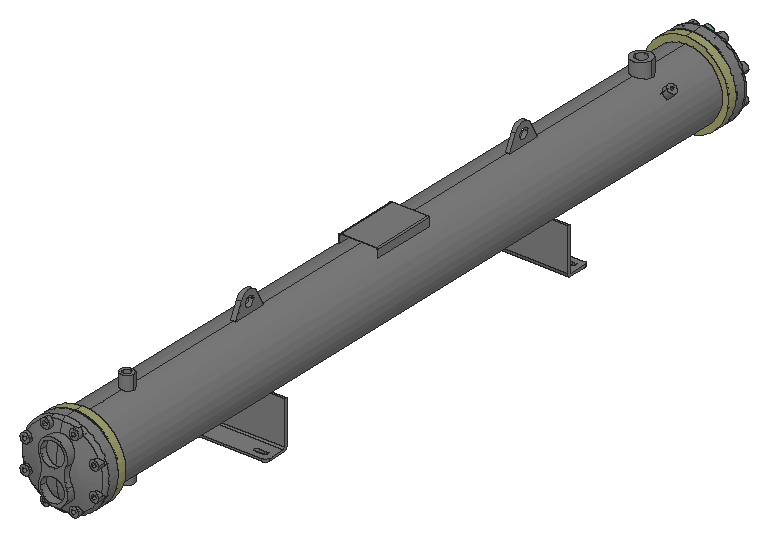
Revit family "MIT-BCM_180_4P", category Specialty Equipment, Revit 2022
Family settings
  Round Connector Dimension = Use Radius
  Part Type = Normal
  Work Plane-Based = No
  Always vertical = Yes
  Cut with Voids When Loaded = No
  Maintain Annotation Orientation = No
  Shared = No
  Room Calculation Point = No
Parameters
  URL = "https://en.ekinendustriyel.com/evaporators-and-condensers"
  Test Pressure = 64.35 bar
  Production Standard = "TS EN 13831"
  Operating Pressure = 45.0 bar
  Model = "MIT-BCM 180_4P"
  Manufacturer = "Ekin Endüstriyel"
  Keynote = "Condensers"
  Description = "MIT- Condensers"
  Default Elevation = 0 mm
Reference planes
  plane 1 "Center (Front/Back)": y = 0
  plane 2: z = 0
  plane 3 "Center (Left/Right)": x = 0
Forms (mm)
  Extrusion 1, solid, material "Ekin Endustriyel-S235JR"
    sketch origin (0, 0, 0) x (1, 0, 0) y (0, 0, 1)
      loop
        circle (0, 164.15) r 84.15
    from -880 to 880
  Extrusion 2, solid, material "Ekin Endustriyel-S235JR", detail levels fine
    sketch origin (0, 0, 0) x (1, 0, 0) y (0, 0, 1)
      loop
        line (-45, 235.88) -> (-44, 235.88) -> (-44, 252.88)
        arc (-44, 252.88) -> (-43.414, 254.294) -> (-42, 254.88) r 2
        line (-42, 254.88) -> (42, 254.88)
        arc (42, 254.88) -> (43.414, 254.294) -> (44, 252.88) r 2
        line (44, 252.88) -> (44, 235.88) -> (45, 235.88) -> (45, 252.88)
        arc (45, 252.88) -> (44.121, 255.002) -> (42, 255.88) r 3
        line (42, 255.88) -> (-42, 255.88)
        arc (-42, 255.88) -> (-44.121, 255.002) -> (-45, 252.88) r 3
        line (-45, 252.88) -> (-45, 235.88)
    from -75 to 75
  Extrusion 3, solid, material "Ekin Endustriyel-S235JR", detail levels fine
    sketch origin (0, 500.19, 0) x (1, 0, 0) y (0, 1, 0)
      loop
        circle (0, 249.81) r 23.75
      loop
        circle (0, 249.81) r 14.25
    from 278.3 to 204.31
  Extrusion 4, solid, material "Ekin Endustriyel-S235JR", detail levels fine
    sketch origin (0, -499.666, 0) x (1, 0, 0) y (0, 1, 0)
      loop
        circle (0.015, -250.334) r 15.25
      loop
        circle (0.015, -250.334) r 8.928
    from 278.3 to 211.07
  Extrusion 5, solid, material "Ekin Endustriyel-S235JR", detail levels fine
    sketch origin (71.72, 749.856, 235.87) x (0, 1, 0) y (-0.707107, 0, 0.707107)
      loop
        circle (0, 0) r 11
      loop
        circle (0, 0) r 4.216
    from 0 to -32.02
  Extrusion 6, solid, material "Ekin Endustriyel-S235JR", detail levels fine
    sketch origin (0, -500.291, 0) x (1, 0, 0) y (0, 1, 0)
      loop
        circle (0.015, -249.709) r 16.75
      loop
        circle (0.015, -249.709) r 13.335
    from 51.131 to 169.15
  Extrusion 7, solid, material "Ekin Endustriyel-AISI316L", detail levels medium+fine
    sketch origin (0, -549.666, 0) x (1, 0, 0) y (0, 0, 1)
      loop
        circle (0, 164.15) r 100
    from 330.334 to 350.334
  Extrusion 8, solid, material "Ekin Endustriyel-AISI316L", detail levels medium+fine
    sketch origin (0, 1180.334, 0) x (1, 0, 0) y (0, 0, 1)
      loop
        circle (0, 164.15) r 100
    from 280.334 to 300.334
  Revolve 9, solid, material "Ekin Endustriyel-S235JR", detail levels medium+fine
    sketch origin (0, -549.666, 0) x (0, 1, 0) y (0, 0, 1)
      loop
        line (-352.334, 264.15) -> (-377.299, 264.15)
        arc (-377.299, 264.15) -> (-382.802, 262.5) -> (-386.489, 258.094) r 10
        arc (-386.489, 258.094) -> (-401.262, 212.101) -> (-407.122, 164.15) r 255.705
        line (-407.122, 164.15) -> (-352.334, 164.15) -> (-352.334, 264.15)
      axis (-352.334, 164.15) -> (-407.122, 164.15)
    angle from 0 to 360
  Revolve 10, solid, material "Ekin Endustriyel-S235JR", detail levels medium+fine
    sketch origin (0, 549.666, 0) x (0, -1, 0) y (0, 0, -1)
      loop
        line (-352.334, -264.15) -> (-352.334, -164.15) -> (-407.122, -164.15)
        arc (-407.122, -164.15) -> (-401.262, -212.101) -> (-386.489, -258.094) r 255.705
        arc (-386.489, -258.094) -> (-382.802, -262.5) -> (-377.299, -264.15) r 10
        line (-377.299, -264.15) -> (-352.334, -264.15)
      axis (-352.334, -164.15) -> (-407.122, -164.15)
    angle from 0 to 360
  Extrusion 11, solid, material "Ekin Endustriyel-S235JR", detail levels coarse
    sketch origin (0, 0, 0) x (1, 0, 0) y (0, 0, 1)
      loop
        circle (0, 164.159) r 99.991
    from -957 to 966.924
  Extrusion 12, solid, material "Ekin Endustriyel-S235JR"
    sketch origin (0, 275.334, 0) x (0, 1, 0) y (0, 0, 1)
      loop
        arc (134.666, 9) -> (137.302, 2.636) -> (143.666, 0) r 9
        line (143.666, 0) -> (194.666, 0) -> (194.666, 5) -> (143.666, 5)
        arc (143.666, 5) -> (140.837, 6.172) -> (139.666, 9) r 4
        line (139.666, 9) -> (139.666, 110) -> (134.666, 110) -> (134.666, 9)
    from -100 to 100
  Extrusion 13, void
    sketch origin (0, 470, 5) x (0, -1, 0) y (1, 0, 0)
      loop
        line (25.25, 63.5) -> (25.25, 83.5)
        arc (25.25, 83.5) -> (20, 88.75) -> (14.75, 83.5) r 5.25
        line (14.75, 83.5) -> (14.75, 63.5)
        arc (14.75, 63.5) -> (20, 58.25) -> (25.25, 63.5) r 5.25
      loop
        line (10, 100) -> (-10, 100) -> (-10, -100) -> (10, -100)
        arc (10, -100) -> (2.929, -97.071) -> (0, -90) r 10
        line (0, -90) -> (0, 90)
        arc (0, 90) -> (2.929, 97.071) -> (10, 100) r 10
      loop
        arc (14.75, -83.5) -> (20, -88.75) -> (25.25, -83.5) r 5.25
        line (25.25, -83.5) -> (25.25, -63.5)
        arc (25.25, -63.5) -> (20, -58.25) -> (14.75, -63.5) r 5.25
        line (14.75, -63.5) -> (14.75, -83.5)
    from -5 to 0
  Extrusion 14, solid, material "Ekin Endustriyel-S235JR"
    sketch origin (0, -275.334, 0) x (0, -1, 0) y (0, 0, -1)
      loop
        line (134.666, -9) -> (134.666, -110) -> (139.666, -110) -> (139.666, -9)
        arc (139.666, -9) -> (140.837, -6.172) -> (143.666, -5) r 4
        line (143.666, -5) -> (194.666, -5) -> (194.666, 0) -> (143.666, 0)
        arc (143.666, 0) -> (137.302, -2.636) -> (134.666, -9) r 9
    from -100 to 100
  Extrusion 15, void
    sketch origin (0, -470, 5) x (0, 1, 0) y (-1, 0, 0)
      loop
        arc (25.25, -63.5) -> (20, -58.25) -> (14.75, -63.5) r 5.25
        line (14.75, -63.5) -> (14.75, -83.5)
        arc (14.75, -83.5) -> (20, -88.75) -> (25.25, -83.5) r 5.25
        line (25.25, -83.5) -> (25.25, -63.5)
      loop
        arc (10, -100) -> (2.929, -97.071) -> (0, -90) r 10
        line (0, -90) -> (0, 90)
        arc (0, 90) -> (2.929, 97.071) -> (10, 100) r 10
        line (10, 100) -> (-10, 100) -> (-10, -100) -> (10, -100)
      loop
        line (14.75, 83.5) -> (14.75, 63.5)
        arc (14.75, 63.5) -> (20, 58.25) -> (25.25, 63.5) r 5.25
        line (25.25, 63.5) -> (25.25, 83.5)
        arc (25.25, 83.5) -> (20, 88.75) -> (14.75, 83.5) r 5.25
    from -5 to 0
  Extrusion 16, solid, material "Ekin Endustriyel-S235JR", detail levels medium+fine
    sketch origin (40, -549.666, 0) x (1, 0, 0) y (0, 0, 1)
      loop
        circle (-40, 201.65) r 28.5
      loop
        circle (-40, 126.65) r 28.5
      loop
        arc (-8.128, 185.875) -> (-37.187, 236.112) -> (-70.839, 188.829) r 34.5
        arc (-70.839, 188.829) -> (-65.102, 164.15) -> (-70.839, 139.471) r 55.945
        arc (-70.839, 139.471) -> (-38.81, 92.15) -> (-6.781, 139.471) r 34.5
        arc (-6.781, 139.471) -> (-12.495, 162.527) -> (-8.128, 185.875) r 55.945
    from 390.526 to 417.259
  Extrusion 17, solid, material "Ekin Endustriyel-Zinc", detail levels medium+fine
    sketch origin (0, 550.334, 0) x (1, 0, 0) y (0, 0, 1)
      loop
        circle (0, 246.649) r 12.497
      loop
        circle (0, 246.649) r 5.497
    from -396.666 to -367.889
  Extrusion 18, solid, material "Ekin Endustriyel-S235JR", detail levels medium+fine
    sketch origin (0, -549.666, 0) x (1, 0, 0) y (0, 0, -1)
      loop
        circle (-80.837, -197.64) r 11
      loop
        circle (-80.837, -197.64) r 5.497
      loop
        circle (-80.837, -130.66) r 11
      loop
        circle (-80.837, -130.66) r 5.497
      loop
        circle (80.837, -197.64) r 11
      loop
        circle (80.837, -197.64) r 5.497
      loop
        circle (80.837, -130.66) r 11
      loop
        circle (80.837, -130.66) r 5.497
      loop
        circle (33.49, -244.987) r 11
      loop
        circle (33.49, -244.987) r 5.497
      loop
        circle (-33.49, -244.987) r 11
      loop
        circle (-33.49, -244.987) r 5.497
      loop
        circle (33.49, -83.313) r 11
      loop
        circle (33.49, -83.313) r 5.497
      loop
        circle (-33.49, -83.313) r 11
      loop
        circle (-33.49, -83.313) r 5.497
    from -396.666 to -367.889
  Extrusion 19, solid, material "Ekin Endustriyel-S235JR", detail levels medium+fine
    sketch origin (0, 550.334, 0) x (1, 0, 0) y (0, 0, 1)
      loop
        circle (-35.355, 199.505) r 22
      loop
        circle (35.355, 128.795) r 22
    from -406.666 to -351.666
  Extrusion 20, solid, material "Ekin Endustriyel-S235JR", detail levels fine
    sketch origin (0, -0.334, 0) x (0, -1, 0) y (0, 0, -1)
      loop
        line (-440.334, -248.151) -> (-422.806, -284.106)
        arc (-422.806, -284.106) -> (-400.334, -298.151) -> (-377.863, -284.106) r 25
        line (-377.863, -284.106) -> (-360.334, -248.151) -> (-440.334, -248.151)
      loop
        circle (-400.334, -273.151) r 12.5
      loop
        line (439.666, -248.151) -> (359.666, -248.151) -> (377.194, -284.106)
        arc (377.194, -284.106) -> (399.666, -298.151) -> (422.137, -284.106) r 25
        line (422.137, -284.106) -> (439.666, -248.151)
      loop
        circle (399.666, -273.151) r 12.5
    from -5 to 5
  Extrusion 21, solid, material "Ekin Endustriyel-S235JR", detail levels medium+fine
    sketch origin (0, 550.334, 0) x (1, 0, 0) y (0, 0, 1)
      loop
        circle (-80.837, 197.64) r 11
      loop
        circle (-80.837, 197.64) r 5.497
      loop
        circle (-80.837, 130.66) r 11
      loop
        circle (-80.837, 130.66) r 5.497
      loop
        circle (80.837, 197.64) r 11
      loop
        circle (80.837, 197.64) r 5.497
      loop
        circle (80.837, 130.66) r 11
      loop
        circle (80.837, 130.66) r 5.497
      loop
        circle (33.49, 244.987) r 11
      loop
        circle (33.49, 244.987) r 5.497
      loop
        circle (-33.49, 244.987) r 11
      loop
        circle (-33.49, 244.987) r 5.497
      loop
        circle (33.49, 83.313) r 11
      loop
        circle (33.49, 83.313) r 5.497
      loop
        circle (-33.49, 83.313) r 11
      loop
        circle (-33.49, 83.313) r 5.497
      loop
        circle (0, 81.651) r 12.497
      loop
        circle (0, 81.651) r 5.497
    from -396.666 to -367.889
Cuts and joins
  Extrusion 13, Extrusion 15 cuts Extrusion 12
  Extrusion 15 cuts Extrusion 14
  joined: Extrusion 1, Extrusion 12, Extrusion 14
Dimensions and locks
  aligned and locked: level to plane 2
Connectors
  piping at (0, -966.924, 201.65), diameter 50.8
    settings: on Extrusion 16, index 1, connector inside diameter 609.6 mm, connector length 0 mm, flow factor 0, pipe flow 0.0 L/s, pressure drop 0.0 Pa, fitting loss kfactor 0, connector angle 0.00°, fixture units 0, engagement length 0 mm, angle of deflection 0.00°, flow configuration 0, flow direction 1, fitting loss method 0, system type 7, joint type 0, gender type 0, connector reference index -1, connector utility 0, adjustable connector no, is connector primary yes, connector description ""
  piping at (0, -966.924, 126.65), diameter 50.8
    settings: on Extrusion 16, index 2, connector inside diameter 609.6 mm, connector length 0 mm, flow factor 0, pipe flow 0.0 L/s, pressure drop 0.0 Pa, fitting loss kfactor 0, connector angle 0.00°, fixture units 0, engagement length 0 mm, angle of deflection 0.00°, flow configuration 0, flow direction 2, fitting loss method 0, system type 7, joint type 0, gender type 0, connector reference index -1, connector utility 0, adjustable connector no, is connector primary no, connector description ""
  hvac at (0, 750, 278.3)
    settings: on Extrusion 3, index 3, duct flow 0.0 L/s, flow factor 0, pres drop 0.0 bar, loss coef 0, conn angle 0.00°, conn width 304.8 mm, conn height 304.8 mm, conn diameter 42 mm, duct sys type 3, conn prof type 0, flow config 0, flow direction 0, loss method 0, conn ref index -1, conn util no, is conn primary yes, conn desc ""
  hvac at (0.015, -750, 51.131)
    settings: on Extrusion 6, index 4, duct flow 0.0 L/s, flow factor 0, pres drop 0.0 bar, loss coef 0, conn angle 0.00°, conn width 304.8 mm, conn height 304.8 mm, conn diameter 35 mm, duct sys type 3, conn prof type 0, flow config 0, flow direction 0, loss method 0, conn ref index -1, conn util no, is conn primary no, conn desc ""
